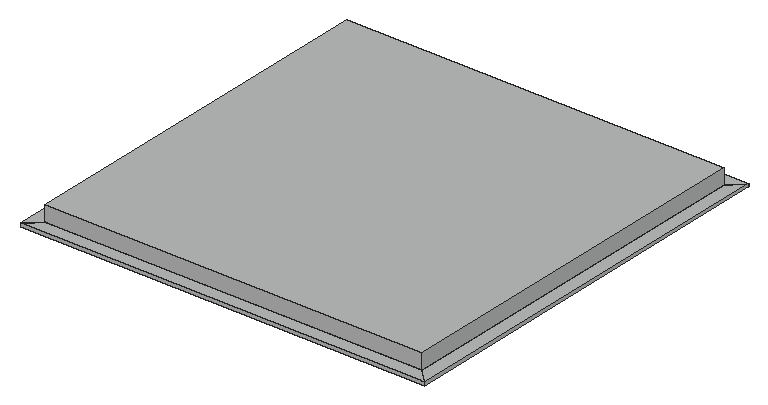
Revit family "AVRORA", category Осветительные приборы, Revit 2019 (continued)
Types (10, lengths in mm): name | built-in parameter 1150134 | Файл фотометрической сетки | built-in parameter 1150142 | built-in parameter 1150107 | Emit from Rectangle Width | Emit from Rectangle Length | Длина | Ширина | ADSK_Обозначение | ADSK_Наименование | ADSK_Код изделия
  AVRORA-32/prisma 603х603х25 (IP20, 4000К, в грильято) | 12 | "Светильник AVRORA-32 PRISMA-(595x595).ies" | "IESNA:LM-63-95\r\n[TEST] Протокол № 50-12 \r\n[DATA] 20.06.2016\r\n[MORE] \r\n[MANUFAC] ЗАО \"Центрстройсвет\"\r\n[LUMCAT]  Светильник ALUMOGIPS-38/OPAL-SAND-(610x610)\r\n[LUMINAIRE]\r\n[LAMPCAT] Светодиоды\r\n[LAMP] Поток источника света (светодиодов) не известен\r\n[MORE] КСС приведена в абсолютных величинах кд\r\n[MORE] Вместо потока лампы, указан поток светильника.\r\nTILT=NONE\r\n1    3750 1.0 37 73 1 2 0.61 0.61 0.04\r\n1.0 1.0 38.7\r\n0.0 5.0 10.0 15.0 20.0 25.0 30.0 35.0 40.0 45.0 50.0 55.0 60.0 65.0 70.0 75.0 80.0 85.0 90.0 95.0 100.0 105.0 110.0 115.0 120.0 125.0 130.0 135.0 140.0 145.0 150.0 155.0 160.0 165.0 170.0 175.0 180.0\r\n0.0 5.0 10.0 15.0 20.0 25.0 30.0 35.0 40.0 45.0 50.0 55.0 60.0 65.0 70.0 75.0 80.0 85.0 90.0 95.0 100.0 105.0 110.0 115.0 120.0 125.0 130.0 135.0 140.0 145.0 150.0 155.0 160.0 165.0 170.0 175.0 180.0 185.0 190.0 195.0 200.0 205.0 210.0 215.0 220.0 225.0 230.0 235.0 240.0 245.0 250.0 255.0 260.0 265.0 270.0 275.0 280.0 285.0 290.0 295.0 300.0 305.0 310.0 315.0 320.0 325.0 330.0 335.0 340.0 345.0 350.0 355.0 360.0\r\n1391.4 1390.6 1365.7 1330.6 1277.5 1214.9 1147.5 1059.6 967.6 873.2 772.4 664.9 556.3 449.1 342.7 240.6 147.1 64.2 4.7 0.0 0.0 0.0 0.0 0.0 0.0 0.0 0.0 0.0 0.0 0.0 0.0 0.0 0.0 0.0 0.0 0.0 0.0\r\n1391.4 1390.5 1367.8 1332.7 1284.3 1221.3 1147.0 1062.1 969.2 872.4 773.2 666.3 557.1 450.1 343.8 241.9 146.9 64.7 5.2 0.0 0.0 0.0 0.0 0.0 0.0 0.0 0.0 0.0 0.0 0.0 0.0 0.0 0.0 0.0 0.0 0.0 0.0\r\n1391.4 1390.2 1372.0 1333.3 1277.3 1216.8 1144.5 1057.4 969.6 875.1 773.8 669.5 560.0 454.6 345.8 242.4 148.5 65.8 5.4 0.0 0.0 0.0 0.0 0.0 0.0 0.0 0.0 0.0 0.0 0.0 0.0 0.0 0.0 0.0 0.0 0.0 0.0\r\n1391.4 1389.8 1371.2 1330.7 1279.5 1220.5 1148.3 1059.9 967.7 873.2 767.5 666.8 561.4 453.0 347.1 243.7 149.9 65.6 5.8 0.0 0.0 0.0 0.0 0.0 0.0 0.0 0.0 0.0 0.0 0.0 0.0 0.0 0.0 0.0 0.0 0.0 0.0\r\n1391.4 1389.8 1368.3 1329.3 1285.0 1214.6 1141.1 1058.7 971.8 871.3 775.2 666.9 559.4 452.6 345.8 242.5 150.0 65.8 6.1 0.0 0.0 0.0 0.0 0.0 0.0 0.0 0.0 0.0 0.0 0.0 0.0 0.0 0.0 0.0 0.0 0.0 0.0\r\n1391.4 1390.5 1367.3 1332.3 1281.7 1219.0 1142.8 1064.6 970.5 874.4 772.1 667.5 560.2 453.0 346.2 241.8 149.4 65.7 5.6 0.0 0.0 0.0 0.0 0.0 0.0 0.0 0.0 0.0 0.0 0.0 0.0 0.0 0.0 0.0 0.0 0.0 0.0\r\n1391.4 1391.4 1368.1 1333.5 1277.3 1215.7 1139.0 1059.6 968.1 872.4 771.6 667.4 558.8 453.3 344.3 243.9 148.4 65.7 5.4 0.0 0.0 0.0 0.0 0.0 0.0 0.0 0.0 0.0 0.0 0.0 0.0 0.0 0.0 0.0 0.0 0.0 0.0\r\n1391.4 1391.7 1368.1 1330.4 1278.2 1213.9 1142.4 1061.6 967.4 875.1 772.0 669.3 561.1 452.5 345.2 242.1 148.3 65.4 5.5 0.0 0.0 0.0 0.0 0.0 0.0 0.0 0.0 0.0 0.0 0.0 0.0 0.0 0.0 0.0 0.0 0.0 0.0\r\n1391.4 1391.5 1371.0 1328.4 1278.5 1216.7 1142.1 1061.2 971.8 874.7 772.1 668.9 560.8 452.9 345.4 243.3 147.7 66.0 5.4 0.0 0.0 0.0 0.0 0.0 0.0 0.0 0.0 0.0 0.0 0.0 0.0 0.0 0.0 0.0 0.0 0.0 0.0\r\n1391.4 1391.5 1373.2 1330.5 1277.3 1215.5 1143.2 1063.6 967.0 872.7 772.2 669.4 558.9 453.2 346.6 241.9 148.1 65.2 5.5 0.0 0.0 0.0 0.0 0.0 0.0 0.0 0.0 0.0 0.0 0.0 0.0 0.0 0.0 0.0 0.0 0.0 0.0\r\n1391.4 1391.4 1369.7 1328.3 1281.3 1216.0 1139.8 1057.9 968.7 875.3 773.9 667.6 561.8 454.0 344.0 243.1 147.2 65.6 5.5 0.0 0.0 0.0 0.0 0.0 0.0 0.0 0.0 0.0 0.0 0.0 0.0 0.0 0.0 0.0 0.0 0.0 0.0\r\n1391.4 1390.5 1367.9 1330.1 1278.1 1218.1 1138.9 1061.0 970.0 871.8 770.4 669.3 560.2 453.4 346.9 242.1 148.3 65.2 5.2 0.0 0.0 0.0 0.0 0.0 0.0 0.0 0.0 0.0 0.0 0.0 0.0 0.0 0.0 0.0 0.0 0.0 0.0\r\n1391.4 1389.3 1368.2 1329.1 1280.8 1214.4 1142.5 1059.2 967.2 874.3 772.4 668.0 563.1 452.3 345.7 242.8 146.8 64.9 5.1 0.0 0.0 0.0 0.0 0.0 0.0 0.0 0.0 0.0 0.0 0.0 0.0 0.0 0.0 0.0 0.0 0.0 0.0\r\n1391.4 1388.6 1367.4 1327.8 1278.0 1215.7 1141.0 1061.0 971.5 877.3 771.2 667.3 561.5 453.0 346.4 242.4 146.3 64.8 5.2 0.0 0.0 0.0 0.0 0.0 0.0 0.0 0.0 0.0 0.0 0.0 0.0 0.0 0.0 0.0 0.0 0.0 0.0\r\n1391.4 1388.0 1367.6 1326.7 1278.3 1218.0 1140.9 1061.5 968.4 873.4 770.1 666.6 562.1 454.6 344.8 241.8 146.4 64.0 5.5 0.0 0.0 0.0 0.0 0.0 0.0 0.0 0.0 0.0 0.0 0.0 0.0 0.0 0.0 0.0 0.0 0.0 0.0\r\n1391.4 1387.2 1366.1 1331.0 1281.4 1216.3 1142.7 1059.1 969.4 871.5 772.2 667.3 560.5 453.0 344.4 242.2 146.4 63.8 5.6 0.0 0.0 0.0 0.0 0.0 0.0 0.0 0.0 0.0 0.0 0.0 0.0 0.0 0.0 0.0 0.0 0.0 0.0\r\n1391.4 1387.1 1366.3 1328.7 1276.9 1214.5 1141.2 1059.3 968.4 874.3 775.5 668.3 562.5 454.9 346.4 241.3 146.2 63.5 5.7 0.0 0.0 0.0 0.0 0.0 0.0 0.0 0.0 0.0 0.0 0.0 0.0 0.0 0.0 0.0 0.0 0.0 0.0\r\n1391.4 1388.4 1366.0 1329.7 1279.2 1217.9 1140.0 1060.5 969.0 873.9 772.0 671.3 560.4 453.2 343.7 241.7 145.8 63.7 5.4 0.0 0.0 0.0 0.0 0.0 0.0 0.0 0.0 0.0 0.0 0.0 0.0 0.0 0.0 0.0 0.0 0.0 0.0\r\n1391.4 1389.6 1367.7 1329.3 1277.2 1211.1 1140.1 1061.0 971.0 871.2 769.2 669.1 561.5 453.1 343.3 241.9 145.8 63.4 5.2 0.0 0.0 0.0 0.0 0.0 0.0 0.0 0.0 0.0 0.0 0.0 0.0 0.0 0.0 0.0 0.0 0.0 0.0\r\n1391.4 1388.8 1366.9 1327.1 1279.4 1214.2 1142.5 1056.4 970.7 870.3 771.0 665.1 560.4 453.3 343.8 241.1 145.7 63.4 5.2 0.0 0.0 0.0 0.0 0.0 0.0 0.0 0.0 0.0 0.0 0.0 0.0 0.0 0.0 0.0 0.0 0.0 0.0\r\n1391.4 1387.2 1365.8 1328.9 1276.6 1210.2 1141.4 1059.3 966.6 871.4 770.5 667.4 559.2 451.4 344.2 241.0 145.6 63.2 5.1 0.0 0.0 0.0 0.0 0.0 0.0 0.0 0.0 0.0 0.0 0.0 0.0 0.0 0.0 0.0 0.0 0.0 0.0\r\n1391.4 1386.8 1364.4 1329.8 1279.4 1213.7 1144.0 1059.0 965.3 873.7 768.8 668.9 559.4 449.5 342.6 241.5 144.6 63.4 5.0 0.0 0.0 0.0 0.0 0.0 0.0 0.0 0.0 0.0 0.0 0.0 0.0 0.0 0.0 0.0 0.0 0.0 0.0\r\n1391.4 1388.1 1365.8 1328.1 1273.8 1213.4 1137.9 1059.2 967.3 869.2 769.3 667.7 558.4 451.4 344.0 240.6 145.7 63.4 4.9 0.0 0.0 0.0 0.0 0.0 0.0 0.0 0.0 0.0 0.0 0.0 0.0 0.0 0.0 0.0 0.0 0.0 0.0\r\n1391.4 1389.2 1364.4 1323.2 1276.3 1213.8 1137.6 1055.3 963.1 871.0 767.7 664.1 559.7 447.1 342.4 240.1 145.2 63.9 5.1 0.0 0.0 0.0 0.0 0.0 0.0 0.0 0.0 0.0 0.0 0.0 0.0 0.0 0.0 0.0 0.0 0.0 0.0\r\n1391.4 1388.4 1362.3 1326.8 1274.4 1212.2 1137.9 1054.7 966.7 867.9 768.7 663.4 557.3 449.2 343.3 240.0 145.7 63.6 5.0 0.0 0.0 0.0 0.0 0.0 0.0 0.0 0.0 0.0 0.0 0.0 0.0 0.0 0.0 0.0 0.0 0.0 0.0\r\n1391.4 1386.2 1361.8 1326.5 1273.3 1211.2 1134.5 1048.6 964.3 866.3 767.8 662.9 556.7 449.5 341.9 239.8 145.7 63.7 5.0 0.0 0.0 0.0 0.0 0.0 0.0 0.0 0.0 0.0 0.0 0.0 0.0 0.0 0.0 0.0 0.0 0.0 0.0\r\n1391.4 1384.4 1363.5 1324.4 1272.0 1209.5 1137.2 1053.0 960.2 867.5 767.9 662.7 556.7 449.2 342.5 239.1 146.2 63.8 4.8 0.0 0.0 0.0 0.0 0.0 0.0 0.0 0.0 0.0 0.0 0.0 0.0 0.0 0.0 0.0 0.0 0.0 0.0\r\n1391.4 1383.7 1362.4 1324.4 1274.0 1209.5 1134.4 1050.1 965.4 864.9 764.6 662.3 556.6 447.9 340.5 240.3 145.5 64.6 4.6 0.0 0.0 0.0 0.0 0.0 0.0 0.0 0.0 0.0 0.0 0.0 0.0 0.0 0.0 0.0 0.0 0.0 0.0\r\n1391.4 1384.4 1361.9 1326.9 1270.2 1207.3 1132.7 1050.1 959.7 867.7 763.1 662.2 555.0 447.3 343.0 238.3 145.8 63.9 4.7 0.0 0.0 0.0 0.0 0.0 0.0 0.0 0.0 0.0 0.0 0.0 0.0 0.0 0.0 0.0 0.0 0.0 0.0\r\n1391.4 1385.1 1363.0 1320.0 1270.4 1207.9 1134.4 1055.0 963.5 867.3 766.7 660.7 555.9 450.1 342.6 240.2 145.9 64.3 4.9 0.0 0.0 0.0 0.0 0.0 0.0 0.0 0.0 0.0 0.0 0.0 0.0 0.0 0.0 0.0 0.0 0.0 0.0\r\n1391.4 1384.9 1362.3 1321.4 1273.1 1208.0 1135.4 1052.3 961.9 865.0 764.0 660.8 553.5 447.6 341.2 240.3 146.1 63.8 4.8 0.0 0.0 0.0 0.0 0.0 0.0 0.0 0.0 0.0 0.0 0.0 0.0 0.0 0.0 0.0 0.0 0.0 0.0\r\n1391.4 1383.8 1361.2 1322.1 1265.1 1211.5 1132.8 1049.3 961.3 863.4 764.0 661.0 550.7 447.9 341.0 240.1 146.2 63.8 4.6 0.0 0.0 0.0 0.0 0.0 0.0 0.0 0.0 0.0 0.0 0.0 0.0 0.0 0.0 0.0 0.0 0.0 0.0\r\n1391.4 1382.8 1359.3 1321.5 1269.3 1206.8 1132.8 1051.1 958.3 863.2 763.1 662.7 553.4 448.0 340.4 240.0 145.8 63.8 4.0 0.0 0.0 0.0 0.0 0.0 0.0 0.0 0.0 0.0 0.0 0.0 0.0 0.0 0.0 0.0 0.0 0.0 0.0\r\n1391.4 1382.6 1359.0 1319.6 1268.1 1204.3 1129.8 1049.0 957.7 861.8 761.7 658.4 554.2 446.1 340.4 239.0 145.6 63.8 3.8 0.0 0.0 0.0 0.0 0.0 0.0 0.0 0.0 0.0 0.0 0.0 0.0 0.0 0.0 0.0 0.0 0.0 0.0\r\n1391.4 1382.8 1358.5 1315.8 1266.5 1202.1 1128.5 1049.2 957.6 860.0 762.1 658.2 549.9 443.8 339.6 238.4 145.7 63.6 3.7 0.0 0.0 0.0 0.0 0.0 0.0 0.0 0.0 0.0 0.0 0.0 0.0 0.0 0.0 0.0 0.0 0.0 0.0\r\n1391.4 1382.2 1360.5 1319.2 1265.9 1204.5 1129.9 1046.9 955.0 862.9 758.9 657.9 552.5 444.9 338.9 238.8 145.3 63.6 3.3 0.0 0.0 0.0 0.0 0.0 0.0 0.0 0.0 0.0 0.0 0.0 0.0 0.0 0.0 0.0 0.0 0.0 0.0\r\n1391.4 1381.1 1361.2 1321.0 1268.1 1203.8 1128.8 1047.4 955.6 863.7 761.1 656.4 551.5 445.2 339.2 238.5 144.7 62.5 3.5 0.0 0.0 0.0 0.0 0.0 0.0 0.0 0.0 0.0 0.0 0.0 0.0 0.0 0.0 0.0 0.0 0.0 0.0\r\n1391.4 1380.6 1359.0 1316.4 1268.5 1204.0 1126.1 1049.5 956.2 859.6 759.7 656.5 549.2 444.3 338.4 236.1 143.8 61.6 3.2 0.0 0.0 0.0 0.0 0.0 0.0 0.0 0.0 0.0 0.0 0.0 0.0 0.0 0.0 0.0 0.0 0.0 0.0\r\n1391.4 1380.7 1356.6 1316.0 1267.0 1205.6 1130.3 1044.8 956.9 856.7 759.3 653.5 548.1 441.9 335.3 235.4 141.4 60.3 2.9 0.0 0.0 0.0 0.0 0.0 0.0 0.0 0.0 0.0 0.0 0.0 0.0 0.0 0.0 0.0 0.0 0.0 0.0\r\n1391.4 1380.4 1354.4 1317.9 1268.8 1199.0 1129.0 1044.0 956.9 860.6 758.3 656.9 549.1 442.0 334.4 236.1 141.7 60.5 2.6 0.0 0.0 0.0 0.0 0.0 0.0 0.0 0.0 0.0 0.0 0.0 0.0 0.0 0.0 0.0 0.0 0.0 0.0\r\n1391.4 1380.1 1356.7 1322.1 1264.6 1201.7 1129.9 1047.4 957.2 859.7 758.2 656.1 549.4 442.8 335.3 235.8 141.3 60.6 2.3 0.0 0.0 0.0 0.0 0.0 0.0 0.0 0.0 0.0 0.0 0.0 0.0 0.0 0.0 0.0 0.0 0.0 0.0\r\n1391.4 1379.9 1357.3 1317.5 1265.9 1207.8 1129.2 1046.5 955.7 860.2 758.6 656.9 550.7 441.9 335.4 233.9 140.6 60.2 2.4 0.0 0.0 0.0 0.0 0.0 0.0 0.0 0.0 0.0 0.0 0.0 0.0 0.0 0.0 0.0 0.0 0.0 0.0\r\n1391.4 1379.2 1355.5 1314.6 1269.3 1203.7 1133.5 1044.8 957.2 857.9 762.0 656.6 548.7 440.4 335.9 234.5 140.4 59.8 2.8 0.0 0.0 0.0 0.0 0.0 0.0 0.0 0.0 0.0 0.0 0.0 0.0 0.0 0.0 0.0 0.0 0.0 0.0\r\n1391.4 1377.9 1357.1 1319.2 1271.9 1204.4 1128.6 1050.2 953.1 856.9 757.6 653.7 548.9 439.9 335.4 232.4 140.5 59.2 3.0 0.0 0.0 0.0 0.0 0.0 0.0 0.0 0.0 0.0 0.0 0.0 0.0 0.0 0.0 0.0 0.0 0.0 0.0\r\n1391.4 1377.2 1356.3 1322.9 1266.0 1204.8 1132.2 1049.0 958.1 859.3 759.0 654.6 547.0 441.6 334.9 232.1 139.3 58.8 2.9 0.0 0.0 0.0 0.0 0.0 0.0 0.0 0.0 0.0 0.0 0.0 0.0 0.0 0.0 0.0 0.0 0.0 0.0\r\n1391.4 1377.8 1353.8 1319.7 1269.6 1207.9 1135.8 1049.5 955.8 858.0 762.4 655.9 548.2 441.6 335.6 231.7 139.4 58.8 2.8 0.0 0.0 0.0 0.0 0.0 0.0 0.0 0.0 0.0 0.0 0.0 0.0 0.0 0.0 0.0 0.0 0.0 0.0\r\n1391.4 1378.5 1355.2 1319.8 1267.3 1206.5 1131.2 1046.1 954.6 861.2 756.6 653.8 548.1 440.3 335.0 232.6 138.6 59.0 2.9 0.0 0.0 0.0 0.0 0.0 0.0 0.0 0.0 0.0 0.0 0.0 0.0 0.0 0.0 0.0 0.0 0.0 0.0\r\n1391.4 1378.6 1355.1 1318.3 1269.7 1200.8 1133.1 1049.0 957.6 862.5 762.4 656.9 549.3 443.5 334.7 231.2 138.8 58.1 3.0 0.0 0.0 0.0 0.0 0.0 0.0 0.0 0.0 0.0 0.0 0.0 0.0 0.0 0.0 0.0 0.0 0.0 0.0\r\n1391.4 1378.8 1355.8 1321.7 1268.8 1210.0 1129.0 1048.5 958.8 862.4 762.2 656.4 549.0 441.1 335.4 231.5 138.5 58.1 3.0 0.0 0.0 0.0 0.0 0.0 0.0 0.0 0.0 0.0 0.0 0.0 0.0 0.0 0.0 0.0 0.0 0.0 0.0\r\n1391.4 1379.6 1357.6 1321.7 1269.0 1207.1 1133.9 1047.0 964.1 863.3 761.9 656.4 551.5 440.7 334.9 232.2 137.6 58.1 2.8 0.0 0.0 0.0 0.0 0.0 0.0 0.0 0.0 0.0 0.0 0.0 0.0 0.0 0.0 0.0 0.0 0.0 0.0\r\n1391.4 1380.6 1357.7 1319.2 1272.0 1207.5 1131.3 1054.6 959.0 863.3 764.8 655.9 549.1 443.0 335.1 231.3 138.0 58.1 2.7 0.0 0.0 0.0 0.0 0.0 0.0 0.0 0.0 0.0 0.0 0.0 0.0 0.0 0.0 0.0 0.0 0.0 0.0\r\n1391.4 1381.5 1358.5 1321.9 1271.0 1204.1 1135.9 1055.8 962.5 865.5 761.1 656.9 550.6 442.0 335.3 231.9 137.4 57.9 2.6 0.0 0.0 0.0 0.0 0.0 0.0 0.0 0.0 0.0 0.0 0.0 0.0 0.0 0.0 0.0 0.0 0.0 0.0\r\n1391.4 1381.3 1358.5 1322.3 1270.8 1207.2 1133.7 1051.9 958.0 867.3 767.5 657.0 552.1 442.3 333.6 231.2 137.9 57.8 2.6 0.0 0.0 0.0 0.0 0.0 0.0 0.0 0.0 0.0 0.0 0.0 0.0 0.0 0.0 0.0 0.0 0.0 0.0\r\n1391.4 1380.6 1359.4 1319.7 1270.6 1209.0 1133.0 1052.1 963.9 867.5 764.1 660.0 554.0 443.3 334.8 231.7 137.6 57.8 2.7 0.0 0.0 0.0 0.0 0.0 0.0 0.0 0.0 0.0 0.0 0.0 0.0 0.0 0.0 0.0 0.0 0.0 0.0\r\n1391.4 1381.3 1359.9 1321.3 1270.6 1204.8 1135.0 1051.3 962.1 865.5 761.7 660.3 553.1 443.5 334.1 231.9 137.9 57.8 2.8 0.0 0.0 0.0 0.0 0.0 0.0 0.0 0.0 0.0 0.0 0.0 0.0 0.0 0.0 0.0 0.0 0.0 0.0\r\n1391.4 1383.1 1362.1 1324.8 1273.8 1208.7 1134.8 1055.9 961.8 866.4 762.3 659.7 552.4 443.7 334.4 232.8 138.0 58.0 2.8 0.0 0.0 0.0 0.0 0.0 0.0 0.0 0.0 0.0 0.0 0.0 0.0 0.0 0.0 0.0 0.0 0.0 0.0\r\n1391.4 1384.6 1360.4 1321.7 1272.0 1210.6 1130.9 1052.5 963.1 866.7 767.4 659.3 553.7 444.6 335.4 233.1 138.3 58.0 2.8 0.0 0.0 0.0 0.0 0.0 0.0 0.0 0.0 0.0 0.0 0.0 0.0 0.0 0.0 0.0 0.0 0.0 0.0\r\n1391.4 1385.6 1357.5 1324.7 1273.9 1211.6 1134.3 1052.7 963.6 865.4 763.1 658.7 552.2 444.9 336.9 232.8 138.8 58.6 2.9 0.0 0.0 0.0 0.0 0.0 0.0 0.0 0.0 0.0 0.0 0.0 0.0 0.0 0.0 0.0 0.0 0.0 0.0\r\n1391.4 1386.4 1357.8 1323.4 1273.2 1212.2 1136.3 1054.7 967.5 867.5 764.0 659.4 553.3 443.7 336.8 233.2 138.9 58.5 3.1 0.0 0.0 0.0 0.0 0.0 0.0 0.0 0.0 0.0 0.0 0.0 0.0 0.0 0.0 0.0 0.0 0.0 0.0\r\n1391.4 1386.6 1362.0 1324.9 1273.2 1211.3 1139.0 1049.9 960.3 866.4 768.0 661.3 552.2 443.4 336.3 233.4 139.8 58.9 3.1 0.0 0.0 0.0 0.0 0.0 0.0 0.0 0.0 0.0 0.0 0.0 0.0 0.0 0.0 0.0 0.0 0.0 0.0\r\n1391.4 1386.0 1360.5 1326.0 1271.8 1212.0 1137.2 1059.3 963.5 867.6 766.9 661.2 552.3 445.8 337.8 233.6 141.0 59.2 3.3 0.0 0.0 0.0 0.0 0.0 0.0 0.0 0.0 0.0 0.0 0.0 0.0 0.0 0.0 0.0 0.0 0.0 0.0\r\n1391.4 1385.0 1362.3 1325.1 1272.0 1207.1 1138.5 1053.6 964.5 865.8 766.5 661.6 554.3 445.9 337.0 234.5 140.4 60.2 3.5 0.0 0.0 0.0 0.0 0.0 0.0 0.0 0.0 0.0 0.0 0.0 0.0 0.0 0.0 0.0 0.0 0.0 0.0\r\n1391.4 1384.4 1361.8 1323.6 1274.0 1214.8 1138.9 1053.9 968.0 867.9 769.0 663.8 555.6 446.7 339.6 235.0 141.3 60.4 3.4 0.0 0.0 0.0 0.0 0.0 0.0 0.0 0.0 0.0 0.0 0.0 0.0 0.0 0.0 0.0 0.0 0.0 0.0\r\n1391.4 1385.0 1360.9 1322.2 1272.4 1209.8 1137.2 1055.7 962.7 869.7 769.6 658.2 556.6 447.4 338.5 236.2 142.5 60.7 3.4 0.0 0.0 0.0 0.0 0.0 0.0 0.0 0.0 0.0 0.0 0.0 0.0 0.0 0.0 0.0 0.0 0.0 0.0\r\n1391.4 1386.6 1363.1 1323.6 1272.5 1211.5 1139.2 1058.4 969.9 868.0 768.8 664.6 556.3 445.8 342.1 236.1 142.3 61.2 3.5 0.0 0.0 0.0 0.0 0.0 0.0 0.0 0.0 0.0 0.0 0.0 0.0 0.0 0.0 0.0 0.0 0.0 0.0\r\n1391.4 1388.6 1360.9 1330.2 1273.7 1213.2 1138.7 1058.3 966.2 867.0 766.8 663.4 553.3 447.1 339.2 238.7 143.0 61.4 3.8 0.0 0.0 0.0 0.0 0.0 0.0 0.0 0.0 0.0 0.0 0.0 0.0 0.0 0.0 0.0 0.0 0.0 0.0\r\n1391.4 1389.8 1360.8 1328.4 1276.8 1216.0 1140.1 1055.8 963.1 870.3 768.4 663.1 554.0 449.1 340.1 237.3 144.8 61.7 3.8 0.0 0.0 0.0 0.0 0.0 0.0 0.0 0.0 0.0 0.0 0.0 0.0 0.0 0.0 0.0 0.0 0.0 0.0\r\n1391.4 1389.3 1362.5 1325.9 1278.0 1210.4 1138.2 1054.7 967.8 872.7 770.2 661.9 556.5 446.9 341.3 237.7 144.4 62.5 3.9 0.0 0.0 0.0 0.0 0.0 0.0 0.0 0.0 0.0 0.0 0.0 0.0 0.0 0.0 0.0 0.0 0.0 0.0\r\n1391.4 1387.8 1365.8 1326.6 1274.3 1213.2 1141.4 1053.1 966.2 871.2 768.4 663.7 555.0 447.1 341.3 238.2 144.3 62.7 4.1 0.0 0.0 0.0 0.0 0.0 0.0 0.0 0.0 0.0 0.0 0.0 0.0 0.0 0.0 0.0 0.0 0.0 0.0\r\n1391.4 1387.2 1364.2 1328.3 1274.8 1209.4 1145.0 1060.0 963.9 867.5 766.5 663.4 556.7 448.2 340.9 240.3 144.7 63.3 4.0 0.0 0.0 0.0 0.0 0.0 0.0 0.0 0.0 0.0 0.0 0.0 0.0 0.0 0.0 0.0 0.0 0.0 0.0\r\n1391.4 1388.4 1364.9 1332.6 1279.0 1215.6 1140.9 1056.3 969.3 867.1 770.0 663.8 559.0 449.0 342.4 240.3 145.7 63.3 4.7 0.0 0.0 0.0 0.0 0.0 0.0 0.0 0.0 0.0 0.0 0.0 0.0 0.0 0.0 0.0 0.0 0.0 0.0\r\n1391.4 1390.0 1364.5 1329.3 1281.4 1217.7 1141.3 1063.3 970.3 871.1 768.8 663.5 555.2 449.3 342.4 239.8 146.6 63.3 4.9 0.0 0.0 0.0 0.0 0.0 0.0 0.0 0.0 0.0 0.0 0.0 0.0 0.0 0.0 0.0 0.0 0.0 0.0\r\n1391.4 1390.6 1365.7 1330.6 1277.5 1214.9 1147.5 1059.6 967.6 873.2 772.4 664.9 556.3 449.1 342.7 240.6 147.1 64.2 4.7 0.0 0.0 0.0 0.0 0.0 0.0 0.0 0.0 0.0 0.0 0.0 0.0 0.0 0.0 0.0 0.0 0.0 0.0\r\n" | 4000 (stored number, unit not read) | 563 | 563 | 603 | 603 | "AVRORA-32/prisma 603х603х25 (IP20, 4000К, в грильято)" | "Встраиваемый светодиодный светильник AVRORA-32/prisma 603х603х25 (IP20, 4000К, в грильято)" | "ЦБ000009021"
